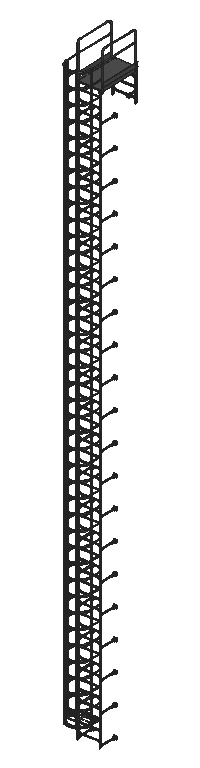
Revit family "BORGE_Вертикальная пожарная лестница_П-2", category Обобщенные модели, Revit 2019
Family settings
  Может служить основой для арматурных стержней = Нет
  Размер круглого соединителя = Использовать диаметр
  Тип детали = Нормальный
  Номер OmniClass = 23.75.70.21.27.11
  Заголовок OmniClass = Diffusers, Registers, and Grilles
  На основе рабочей плоскости = Нет
  Всегда вертикально = Да
  При загрузке вырезать с полостями = Нет
  Общий = Нет
  Точка расчета площади = Нет
Parameters (values of type "Пожарная лестница_П1-2_Чёрный матовый_RAL 9005")
  Предупреждение [instance] = if(BORGE_Высота лестницы > 20000 mm, "Максимальная высота лестницы без ограждения - 20 м", "")  # ""
  Площадка_Тип [instance] = 3
  Ограждение_Высота [instance] = ADSK_Размер_Высота - 1000 mm  # 19000 mm
  Лестница_Внутренняя_Тип_1 [instance] = 1
  Лестница_Внутренняя_Видимость [instance] = yes
  Лестница_Внешняя_Тип_7 [instance] = 3
  Лестница_Внешняя_Тип_6 [instance] = 3
  Лестница_Внешняя_Тип_5 [instance] = 3
  Лестница_Внешняя_Тип_4 [instance] = 3
  Лестница_Внешняя_Тип_3 [instance] = 3
  Лестница_Внешняя_Тип_2 [instance] = 3
  Лестница_Внешняя_Тип_1 [instance] = 3
  Кронштейн_Внутренний_Тип [instance] = 1
  Кронштейн_Внутренний_Видимость [instance] = yes
  Кронштейн_Внешний_Тип [instance] = 2
  Описание = "Максимальная высота лестницы 20 м."  # constant formula
  Кронштейн_Внутренний_1_Высота [instance] = 700 mm
  Кронштейн_Внешний_9_Высота [instance] = 1000 mm
  Кронштейн_Внешний_9_Видимость [instance] = yes
  Кронштейн_Внешний_8_Высота [instance] = 1000 mm
  Кронштейн_Внешний_8_Видимость [instance] = yes
  Кронштейн_Внешний_7_Высота [instance] = 1000 mm
  Кронштейн_Внешний_7_Видимость [instance] = yes
  Кронштейн_Внешний_6_Высота [instance] = 1000 mm
  Кронштейн_Внешний_6_Видимость [instance] = yes
  Кронштейн_Внешний_5_Высота [instance] = 1000 mm
  Кронштейн_Внешний_5_Видимость [instance] = yes
  Кронштейн_Внешний_4_Высота [instance] = 1000 mm
  Кронштейн_Внешний_4_Видимость [instance] = yes
  Кронштейн_Внешний_3_Высота [instance] = 1000 mm
  Кронштейн_Внешний_3_Видимость [instance] = yes
  Кронштейн_Внешний_2_Высота [instance] = 1000 mm
  Кронштейн_Внешний_2_Видимость [instance] = yes
  Кронштейн_Внешний_20_Высота [instance] = 1000 mm  # constant formula
  Кронштейн_Внешний_20_Видимость [instance] = yes
  Кронштейн_Внешний_1_Высота [instance] = 1500 mm
  Кронштейн_Внешний_1_Видимость [instance] = yes
  Кронштейн_Внешний_19_Высота [instance] = 1000 mm
  Кронштейн_Внешний_19_Видимость [instance] = yes
  Кронштейн_Внешний_18_Высота [instance] = 1000 mm
  Кронштейн_Внешний_18_Видимость [instance] = yes
  Кронштейн_Внешний_17_Высота [instance] = 1000 mm
  Кронштейн_Внешний_17_Видимость [instance] = yes
  Кронштейн_Внешний_16_Высота [instance] = 1000 mm
  Кронштейн_Внешний_16_Видимость [instance] = yes
  Кронштейн_Внешний_15_Высота [instance] = 1000 mm
  Кронштейн_Внешний_15_Видимость [instance] = yes
  Кронштейн_Внешний_14_Высота [instance] = 1000 mm
  Кронштейн_Внешний_14_Видимость [instance] = yes
  Кронштейн_Внешний_13_Высота [instance] = 1000 mm
  Кронштейн_Внешний_13_Видимость [instance] = yes
  Кронштейн_Внешний_12_Высота [instance] = 1000 mm
  Кронштейн_Внешний_12_Видимость [instance] = yes
  Кронштейн_Внешний_11_Высота [instance] = 1000 mm
  Кронштейн_Внешний_11_Видимость [instance] = yes
  Кронштейн_Внешний_10_Высота [instance] = 1000 mm
  Кронштейн_Внешний_10_Видимость [instance] = yes
  Изготовитель = "ООО «Борге», ООО «Бипро»"  # constant formula
  l1 [instance] = if(Кронштейн_Внешний_Тип = 1, 325 mm, if(Кронштейн_Внешний_Тип = 2, 625 mm, if(Кронштейн_Внешний_Тип = 3, 1025 mm, 325 mm)))  # 625 mm
  Ogr_9_Vis [instance] = if(ADSK_Размер_Высота > 9999 mm, 1 = 1, 1 = 0)  # yes
  Ogr_8_Vis [instance] = if(ADSK_Размер_Высота > 8999 mm, 1 = 1, 1 = 0)  # yes
  Ogr_7_Vis [instance] = if(ADSK_Размер_Высота > 7999 mm, 1 = 1, 1 = 0)  # yes
  Ogr_6_Vis [instance] = if(ADSK_Размер_Высота > 6999 mm, 1 = 1, 1 = 0)  # yes
  Ogr_5_Vis [instance] = if(ADSK_Размер_Высота > 5999 mm, 1 = 1, 1 = 0)  # yes
  Ogr_4_Vis [instance] = if(ADSK_Размер_Высота > 4999 mm, 1 = 1, 1 = 0)  # yes
  Ogr_3_Vis [instance] = if(ADSK_Размер_Высота > 3999 mm, 1 = 1, 1 = 0)  # yes
  Ogr_19_Vis [instance] = if(ADSK_Размер_Высота > 19999 mm, 1 = 1, 1 = 0)  # yes
  Ogr_18_Vis [instance] = if(ADSK_Размер_Высота > 18999 mm, 1 = 1, 1 = 0)  # yes
  Ogr_17_Vis [instance] = if(ADSK_Размер_Высота > 17999 mm, 1 = 1, 1 = 0)  # yes
  Ogr_16_Vis [instance] = if(ADSK_Размер_Высота > 16999 mm, 1 = 1, 1 = 0)  # yes
  Ogr_15_Vis [instance] = if(ADSK_Размер_Высота > 15999 mm, 1 = 1, 1 = 0)  # yes
  Ogr_14_Vis [instance] = if(ADSK_Размер_Высота > 14999 mm, 1 = 1, 1 = 0)  # yes
  Ogr_13_Vis [instance] = if(ADSK_Размер_Высота > 13999 mm, 1 = 1, 1 = 0)  # yes
  Ogr_12_Vis [instance] = if(ADSK_Размер_Высота > 12999 mm, 1 = 1, 1 = 0)  # yes
  Ogr_11_Vis [instance] = if(ADSK_Размер_Высота > 11999 mm, 1 = 1, 1 = 0)  # yes
  Ogr_10_Vis [instance] = if(ADSK_Размер_Высота > 10999 mm, 1 = 1, 1 = 0)  # yes
  Ogr_0_Vis [instance] = 1 = 1  # yes
  Kr_h_9 [instance] = if(BORGE_Автопостроение длины лестницы, 1000 mm, Кронштейн_Внешний_9_Высота)  # 1000 mm
  Kr_h_8 [instance] = if(BORGE_Автопостроение длины лестницы, 1000 mm, Кронштейн_Внешний_8_Высота)  # 1000 mm
  Kr_h_7 [instance] = if(BORGE_Автопостроение длины лестницы, 1000 mm, Кронштейн_Внешний_7_Высота)  # 1000 mm
  Kr_h_20 [instance] = if(BORGE_Автопостроение длины лестницы, 1000 mm, Кронштейн_Внешний_20_Высота)  # 1000 mm
  Kr_h_19 [instance] = if(BORGE_Автопостроение длины лестницы, 1000 mm, Кронштейн_Внешний_19_Высота)  # 1000 mm
  Kr_h_18 [instance] = if(BORGE_Автопостроение длины лестницы, 1000 mm, Кронштейн_Внешний_18_Высота)  # 1000 mm
  Kr_h_17 [instance] = if(BORGE_Автопостроение длины лестницы, 1000 mm, Кронштейн_Внешний_17_Высота)  # 1000 mm
  Kr_h_16 [instance] = if(BORGE_Автопостроение длины лестницы, 1000 mm, Кронштейн_Внешний_16_Высота)  # 1000 mm
  Kr_h_15 [instance] = if(BORGE_Автопостроение длины лестницы, 1000 mm, Кронштейн_Внешний_15_Высота)  # 1000 mm
  Kr_h_14 [instance] = if(BORGE_Автопостроение длины лестницы, 1000 mm, Кронштейн_Внешний_14_Высота)  # 1000 mm
  Kr_h_13 [instance] = if(BORGE_Автопостроение длины лестницы, 1000 mm, Кронштейн_Внешний_13_Высота)  # 1000 mm
  Kr_h_12 [instance] = if(BORGE_Автопостроение длины лестницы, 1000 mm, Кронштейн_Внешний_12_Высота)  # 1000 mm
  Kr_h_11 [instance] = if(BORGE_Автопостроение длины лестницы, 1000 mm, Кронштейн_Внешний_11_Высота)  # 1000 mm
  Kr_h_10 [instance] = if(BORGE_Автопостроение длины лестницы, 1000 mm, Кронштейн_Внешний_10_Высота)  # 1000 mm
  Les_Vnesh_Vis_7 [instance] = if(BORGE_Автопостроение длины лестницы, if(ADSK_Размер_Высота > 18999 mm, 1 = 1, 1 = 0), if(Лестница_Внешняя_Тип_7 > 1, 1 = 1, 1 = 0))  # yes
  Les_Vnesh_Vis_6 [instance] = if(BORGE_Автопостроение длины лестницы, if(ADSK_Размер_Высота > 15999 mm, 1 = 1, 1 = 0), if(Лестница_Внешняя_Тип_6 > 1, 1 = 1, 1 = 0))  # yes
  Les_Vnesh_Vis_5 [instance] = if(BORGE_Автопостроение длины лестницы, if(ADSK_Размер_Высота > 12999 mm, 1 = 1, 1 = 0), if(Лестница_Внешняя_Тип_5 > 1, 1 = 1, 1 = 0))  # yes
  Les_Vnesh_Vis_4 [instance] = if(BORGE_Автопостроение длины лестницы, if(ADSK_Размер_Высота > 9999 mm, 1 = 1, 1 = 0), if(Лестница_Внешняя_Тип_4 > 1, 1 = 1, 1 = 0))  # yes
  Les_Vnesh_Vis_3 [instance] = if(BORGE_Автопостроение длины лестницы, if(ADSK_Размер_Высота > 6999 mm, 1 = 1, 1 = 0), if(Лестница_Внешняя_Тип_3 > 1, 1 = 1, 1 = 0))  # yes
  Kr_9_Vis [instance] = if(BORGE_Автопостроение длины лестницы, if(ADSK_Размер_Высота > 8999 mm, 1 = 1, 1 = 0), Кронштейн_Внешний_9_Видимость)  # yes
  Kr_8_Vis [instance] = if(BORGE_Автопостроение длины лестницы, if(ADSK_Размер_Высота > 7999 mm, 1 = 1, 1 = 0), Кронштейн_Внешний_8_Видимость)  # yes
  Kr_7_Vis [instance] = if(BORGE_Автопостроение длины лестницы, if(ADSK_Размер_Высота > 6999 mm, 1 = 1, 1 = 0), Кронштейн_Внешний_7_Видимость)  # yes
  Kr_6_Vis [instance] = if(BORGE_Автопостроение длины лестницы, if(ADSK_Размер_Высота > 5999 mm, 1 = 1, 1 = 0), Кронштейн_Внешний_6_Видимость)  # yes
  Kr_h_6 [instance] = if(BORGE_Автопостроение длины лестницы, 1000 mm, Кронштейн_Внешний_6_Высота)  # 1000 mm
  Kr_5_Vis [instance] = if(BORGE_Автопостроение длины лестницы, if(ADSK_Размер_Высота > 4999 mm, 1 = 1, 1 = 0), Кронштейн_Внешний_5_Видимость)  # yes
  Kr_h_5 [instance] = if(BORGE_Автопостроение длины лестницы, 1000 mm, Кронштейн_Внешний_5_Высота)  # 1000 mm
  Kr_4_Vis [instance] = if(BORGE_Автопостроение длины лестницы, if(ADSK_Размер_Высота > 3999 mm, 1 = 1, 1 = 0), Кронштейн_Внешний_4_Видимость)  # yes
  Kr_h_4 [instance] = if(BORGE_Автопостроение длины лестницы, 1000 mm, Кронштейн_Внешний_4_Высота)  # 1000 mm
  Kr_3_Vis [instance] = if(BORGE_Автопостроение длины лестницы, if(ADSK_Размер_Высота > 2999 mm, 1 = 1, 1 = 0), Кронштейн_Внешний_3_Видимость)  # yes
  Kr_h_3 [instance] = if(BORGE_Автопостроение длины лестницы, 1000 mm, Кронштейн_Внешний_3_Высота)  # 1000 mm
  Kr_2_Vis [instance] = if(BORGE_Автопостроение длины лестницы, if(ADSK_Размер_Высота > 1999 mm, 1 = 1, 1 = 0), Кронштейн_Внешний_2_Видимость)  # yes
  Kr_h_2 [instance] = if(BORGE_Автопостроение длины лестницы, 1000 mm, Кронштейн_Внешний_2_Высота)  # 1000 mm
  Kr_1_Vis [instance] = if(BORGE_Автопостроение длины лестницы, if(ADSK_Размер_Высота > 999 mm, 1 = 1, 1 = 0), Кронштейн_Внешний_1_Видимость)  # yes
  Kr_h_1 [instance] = if(BORGE_Автопостроение длины лестницы, 1500 mm, if(Кронштейн_Внешний_1_Высота > 1500 mm, 1500 mm, Кронштейн_Внешний_1_Высота))  # 1500 mm
  Les_Vnesh_Vis_2 [instance] = if(BORGE_Автопостроение длины лестницы, if(ADSK_Размер_Высота > 3999 mm, 1 = 1, 1 = 0), if(Лестница_Внешняя_Тип_2 > 1, 1 = 1, 1 = 0))  # yes
  Les_Vnesh_Vis_1 [instance] = if(BORGE_Автопостроение длины лестницы, if(ADSK_Размер_Высота > 999 mm, 1 = 1, 1 = 0), if(Лестница_Внешняя_Тип_1 > 1, 1 = 1, 1 = 0))  # yes
  URL = "https://borge.ru/"
  LT = "BORGE_Снегозадержатель_Трубчатый"  # constant formula
  Kr_19_Vis [instance] = if(BORGE_Автопостроение длины лестницы, if(ADSK_Размер_Высота > 18999 mm, 1 = 1, 1 = 0), Кронштейн_Внешний_19_Видимость)  # yes
  Kr_18_Vis [instance] = if(BORGE_Автопостроение длины лестницы, if(ADSK_Размер_Высота > 17999 mm, 1 = 1, 1 = 0), Кронштейн_Внешний_18_Видимость)  # yes
  Kr_17_Vis [instance] = if(BORGE_Автопостроение длины лестницы, if(ADSK_Размер_Высота > 16999 mm, 1 = 1, 1 = 0), Кронштейн_Внешний_17_Видимость)  # yes
  Kr_16_Vis [instance] = if(BORGE_Автопостроение длины лестницы, if(ADSK_Размер_Высота > 15999 mm, 1 = 1, 1 = 0), Кронштейн_Внешний_16_Видимость)  # yes
  Kr_15_Vis [instance] = if(BORGE_Автопостроение длины лестницы, if(ADSK_Размер_Высота > 14999 mm, 1 = 1, 1 = 0), Кронштейн_Внешний_15_Видимость)  # yes
  Kr_14_Vis [instance] = if(BORGE_Автопостроение длины лестницы, if(ADSK_Размер_Высота > 13999 mm, 1 = 1, 1 = 0), Кронштейн_Внешний_14_Видимость)  # yes
  Kr_13_Vis [instance] = if(BORGE_Автопостроение длины лестницы, if(ADSK_Размер_Высота > 12999 mm, 1 = 1, 1 = 0), Кронштейн_Внешний_13_Видимость)  # yes
  Kr_12_Vis [instance] = if(BORGE_Автопостроение длины лестницы, if(ADSK_Размер_Высота > 11999 mm, 1 = 1, 1 = 0), Кронштейн_Внешний_12_Видимость)  # yes
  Kr_11_Vis [instance] = if(BORGE_Автопостроение длины лестницы, if(ADSK_Размер_Высота > 10999 mm, 1 = 1, 1 = 0), Кронштейн_Внешний_11_Видимость)  # yes
  Kr_10_Vis [instance] = if(BORGE_Автопостроение длины лестницы, if(ADSK_Размер_Высота > 9999 mm, 1 = 1, 1 = 0), Кронштейн_Внешний_10_Видимость)  # yes
  Code2_Площадка [instance] = if(Площадка_Тип = 1, Code2, if(Площадка_Тип = 2, Code2 + 22, if(Площадка_Тип = 3, Code2 + 22 * 2, Code2)))  # 46
  Code2_Внутренняя_Лестница_1 [instance] = if(Лестница_Внутренняя_Тип_1 = 1, Code2, if(Лестница_Внутренняя_Тип_1 = 2, Code2 + 22, if(Лестница_Внутренняя_Тип_1 = 3, Code2 + 22 * 2, Code2)))  # 2
  Code2_Лестница_Внешняя_7 [instance] = if(BORGE_Автопостроение длины лестницы, if(ADSK_Размер_Высота > 20999 mm, Code2 + 22 * 2, if(ADSK_Размер_Высота > 19999 mm, Code2 + 22, if(ADSK_Размер_Высота > 18999 mm, Code2, Code2))), if(Лестница_Внешняя_Тип_7 = 1, Code2, if(Лестница_Внешняя_Тип_7 = 2, Code2 + 22, if(Лестница_Внешняя_Тип_7 = 3, Code2 + 22 * 2, Code2))))  # 24
  Code2_Лестница_Внешняя_6 [instance] = if(BORGE_Автопостроение длины лестницы, if(ADSK_Размер_Высота > 17999 mm, Code2 + 22 * 2, if(ADSK_Размер_Высота > 16999 mm, Code2 + 22, if(ADSK_Размер_Высота > 15999 mm, Code2, Code2))), if(Лестница_Внешняя_Тип_6 = 1, Code2, if(Лестница_Внешняя_Тип_6 = 2, Code2 + 22, if(Лестница_Внешняя_Тип_6 = 3, Code2 + 22 * 2, Code2))))  # 46
  Code2_Лестница_Внешняя_5 [instance] = if(BORGE_Автопостроение длины лестницы, if(ADSK_Размер_Высота > 14999 mm, Code2 + 22 * 2, if(ADSK_Размер_Высота > 13999 mm, Code2 + 22, if(ADSK_Размер_Высота > 12999 mm, Code2, Code2))), if(Лестница_Внешняя_Тип_5 = 1, Code2, if(Лестница_Внешняя_Тип_5 = 2, Code2 + 22, if(Лестница_Внешняя_Тип_5 = 3, Code2 + 22 * 2, Code2))))  # 46
  Code2_Лестница_Внешняя_4 [instance] = if(BORGE_Автопостроение длины лестницы, if(ADSK_Размер_Высота > 11999 mm, Code2 + 22 * 2, if(ADSK_Размер_Высота > 10999 mm, Code2 + 22, if(ADSK_Размер_Высота > 9999 mm, Code2, Code2))), if(Лестница_Внешняя_Тип_4 = 1, Code2, if(Лестница_Внешняя_Тип_4 = 2, Code2 + 22, if(Лестница_Внешняя_Тип_4 = 3, Code2 + 22 * 2, Code2))))  # 46
  Code2_Лестница_Внешняя_3 [instance] = if(BORGE_Автопостроение длины лестницы, if(ADSK_Размер_Высота > 8999 mm, Code2 + 22 * 2, if(ADSK_Размер_Высота > 7999 mm, Code2 + 22, if(ADSK_Размер_Высота > 6999 mm, Code2, Code2))), if(Лестница_Внешняя_Тип_3 = 1, Code2, if(Лестница_Внешняя_Тип_3 = 2, Code2 + 22, if(Лестница_Внешняя_Тип_3 = 3, Code2 + 22 * 2, Code2))))  # 46
  Code2_Лестница_Внешняя_2 [instance] = if(BORGE_Автопостроение длины лестницы, if(ADSK_Размер_Высота > 5999 mm, Code2 + 22 * 2, if(ADSK_Размер_Высота > 4999 mm, Code2 + 22, if(ADSK_Размер_Высота > 3999 mm, Code2, Code2))), if(Лестница_Внешняя_Тип_2 = 1, Code2, if(Лестница_Внешняя_Тип_2 = 2, Code2 + 22, if(Лестница_Внешняя_Тип_2 = 3, Code2 + 22 * 2, Code2))))  # 46
  Code2_Лестница_Внешняя_1 [instance] = if(BORGE_Автопостроение длины лестницы, if(ADSK_Размер_Высота > 2999 mm, Code2 + 22 * 2, if(ADSK_Размер_Высота > 1999 mm, Code2 + 22, if(ADSK_Размер_Высота > 999 mm, Code2, Code2))), if(Лестница_Внешняя_Тип_1 = 1, Code2, if(Лестница_Внешняя_Тип_1 = 2, Code2 + 22, if(Лестница_Внешняя_Тип_1 = 3, Code2 + 22 * 2, Code2))))  # 46
  Code2_Кронштейн_Внутренний [instance] = if(Кронштейн_Внутренний_Тип = 3, Code2, if(Кронштейн_Внутренний_Тип = 1, Code2 + 22, if(Кронштейн_Внутренний_Тип = 2, Code2 + 22 * 2, Code2)))  # 24
  Code2_Кронштейн_Внешний [instance] = if(Кронштейн_Внешний_Тип = 3, Code2, if(Кронштейн_Внешний_Тип = 1, Code2 + 22, if(Кронштейн_Внешний_Тип = 2, Code2 + 22 * 2, Code2)))  # 46
  Code2 = 2
  BORGE_Высота лестницы [instance] = 20000 mm
  BORGE_Автопостроение длины лестницы [instance] = yes
  BIM Support_Сайт = "https://www.bim-support.ru/"
  BIM Support_Разрабочик = "BIM Support"  # constant formula
  ADSK_Размер_Высота [instance] = if(BORGE_Высота лестницы < 5999 mm, 6000 mm, if(BORGE_Высота лестницы < 20001 mm, roundup(BORGE_Высота лестницы / 1000 mm) * 1000 mm, 20000 mm))  # 20000 mm
  ADSK_Примечание [instance] = ""
  ADSK_Позиция [instance] = ""
  ADSK_Обозначение [instance] = "П1-2"  # constant formula
  ADSK_Наименование краткое [instance] = "Пожарная лестница"
  ADSK_Наименование [instance] = "Пожарная лестница П1-2"  # constant formula
  ADSK_Материал = BOGRE_Уcловный_Чёрный матовый_RAL 9005
  ADSK_Масса_Текст [instance] = "0"
  ADSK_Масса [instance] = 0
  ADSK_Марка [instance] = ADSK_Обозначение  # "П1-2"
  ADSK_Количество [instance] = 1  # constant formula
  ADSK_Код изделия [instance] = ""
  ADSK_Завод-изготовитель [instance] = "ООО «Борге», ООО «Бипро»"  # constant formula
  ADSK_Единица измерения [instance] = "шт."  # constant formula
  ADSK_Группирование [instance] = ""
  ADSK_Версия семейства = "Rev1 2023-08"  # constant formula
  ADSK_URL страницы изделия = "https://borge.pro/p1-2"
  ADSK_URL документации изделия = "https://borge.pro/p1-2"
  A [instance] = if(Площадка_Тип = 1, 800 mm, if(Площадка_Тип = 2, 1200 mm, if(Площадка_Тип = 3, 1600 mm, 800 mm)))  # 1600 mm
Reference planes
  plane 1 "По центру (Вперед/Назад)": y = 0
  plane 2: z = 0
  plane 3 "По центру (Влево/Вправо)": x = 0
  plane 4: z = 1500
  plane 5: z = 2500
  plane 6: z = 3500
  plane 7: z = 21550
  plane 8: y = 925
  plane 9: z = 21500
  plane 10: y = -675
  plane 11: y = -625
  plane 12: y = 875
  plane 13: x = -387.486
  plane 14: x = 387.486
  plane 15: z = 4500
  plane 16: z = 5500
  plane 17: z = 6500
  plane 18: z = 20850
  plane 19: z = 1483
  plane 20: z = 7500
  plane 21: z = 8500
  plane 22: z = 9500
  plane 23: z = 10500
  plane 24: z = 11500
  plane 25: z = 12500
  plane 26: z = 13500
  plane 27: z = 14500
  plane 28: z = 15500
  plane 29: z = 16500
  plane 30: z = 17500
  plane 31: z = 18500
  plane 32: z = 19500
  plane 33: z = 4483
  plane 34: z = 7483
  plane 35: z = 10483
  plane 36: z = 13483
  plane 37: z = 16483
  plane 38: z = 19483
  plane 39: z = 20500
  plane 40: z = 2334.132
  plane 41: z = 3334.132
  plane 42: z = 4334.132
  plane 43: z = 5334.132
  plane 44: z = 6334.132
  plane 45: z = 7334.132
  plane 46: z = 8334.132
  plane 47: z = 9334.132
  plane 48: z = 10334.132
  plane 49: z = 11334.132
  plane 50: z = 12334.132
  plane 51: z = 13334.132
  plane 52: z = 14334.132
  plane 53: z = 15334.132
  plane 54: z = 16334.132
  plane 55: z = 17334.132
  plane 56: z = 18334.132
  plane 57: z = 19334.132
  plane 58: z = 20334.132
  plane 59: z = 21334.132
  plane 60: z = 22351.1
  plane 61: z = 2334.132
Dimensions and locks
  "Kr_h_2": plane 5 to plane 4
  "Kr_h_3": plane 6 to plane 5
  locked: plane 7 to plane 9 at 50
  "A": plane 10 to plane 8
  locked: plane 10 to plane 11 at 50
  locked: plane 12 to plane 8 at 50
  "l1": plane 1 "По центру (Вперед/Назад)" to plane 11
  "ADSK_Размер_Высота": plane 9 to plane 4
  "Kr_h_4": plane 15 to plane 6
  "Kr_h_5": plane 16 to plane 15
  "Kr_h_6": plane 17 to plane 16
  "Kr_h_1": plane 4 to plane 2
  plane 7 to plane 18 = 700 mm
  "Кронштейн_Внутренний_1_Высота": plane 7 to plane 18
  locked: plane 4 to plane 19 at 17
  "Kr_h_7": plane 20 to plane 17
  "Kr_h_10": plane 23 to plane 22
  "Kr_h_11": plane 24 to plane 23
  "Kr_h_12": plane 25 to plane 24
  "Kr_h_13": plane 26 to plane 25
  "Kr_h_14": plane 27 to plane 26
  "Kr_h_15": plane 28 to plane 27
  "Kr_h_16": plane 29 to plane 28
  "Kr_h_17": plane 30 to plane 29
  "Kr_h_18": plane 31 to plane 30
  "Kr_h_19": plane 32 to plane 31
  "Kr_h_8": plane 21 to plane 20
  "Kr_h_9": plane 22 to plane 21
  locked: plane 15 to plane 33 at 17
  locked: plane 20 to plane 34 at 17
  locked: plane 23 to plane 35 at 17
  locked: plane 26 to plane 36 at 17
  locked: plane 29 to plane 37 at 17
  locked: plane 32 to plane 38 at 17
  "Kr_h_19": plane 39 to plane 32
  locked: plane 41 to plane 40 at 1000
  locked: plane 42 to plane 41 at 1000
  locked: plane 43 to plane 42 at 1000
  locked: plane 44 to plane 43 at 1000
  locked: plane 45 to plane 44 at 1000
  locked: plane 46 to plane 45 at 1000
  locked: plane 47 to plane 46 at 1000
  locked: plane 48 to plane 47 at 1000
  locked: plane 49 to plane 48 at 1000
  locked: plane 50 to plane 49 at 1000
  locked: plane 51 to plane 50 at 1000
  locked: plane 52 to plane 51 at 1000
  locked: plane 53 to plane 52 at 1000
  locked: plane 54 to plane 53 at 1000
  locked: plane 55 to plane 54 at 1000
  locked: plane 56 to plane 55 at 1000
  locked: plane 57 to plane 56 at 1000
  locked: plane 58 to plane 57 at 1000
  locked: plane 59 to plane 58 at 1000
  locked: plane 60 to plane 9 at 851.1
  locked: plane 60 to plane 59 at 1016.968
  "Ограждение_Высота": plane 59 to plane 61
  aligned and locked: level to plane 2
  aligned and locked: plane 3 "По центру (Влево/Вправо)" to nested 1
  aligned and locked: nested 1 to plane 7
  aligned and locked: plane 8 to nested 1
  aligned and locked: plane 11 to nested 2
  aligned and locked: plane 9 to nested 3
  aligned and locked: plane 13 to nested 4
  aligned and locked: plane 4 to nested 4  (x2)
  aligned and locked: plane 1 "По центру (Вперед/Назад)" to nested 4
  aligned and locked: nested 5 to plane 14
  aligned and locked: plane 4 to nested 5  (x2)
  aligned and locked: plane 1 "По центру (Вперед/Назад)" to nested 5
  aligned and locked: plane 1 "По центру (Вперед/Назад)" to nested 6
  aligned and locked: plane 1 "По центру (Вперед/Назад)" to nested 7
  aligned and locked: plane 1 "По центру (Вперед/Назад)" to nested 8
  aligned and locked: plane 1 "По центру (Вперед/Назад)" to nested 9
  aligned and locked: plane 12 to nested 3
  aligned and locked: plane 17 to nested 17  (x3)
  aligned and locked: plane 16 to nested 15  (x3)
  aligned and locked: plane 15 to nested 13  (x2)
  aligned and locked: plane 6 to nested 8  (x3)
  aligned and locked: plane 5 to nested 6
  aligned and locked: plane 5 to nested 7
  aligned and locked: plane 6 to nested 9
  aligned and locked: plane 15 to nested 14
  aligned and locked: plane 16 to nested 16
  aligned and locked: plane 17 to nested 18
  aligned and locked: plane 11 to nested 12
  aligned and locked: nested 10 to plane 18
  aligned and locked: nested 11 to plane 18
  aligned and locked: nested 10 to plane 13
  aligned and locked: plane 14 to nested 11
  aligned and locked: nested 12 to plane 19
  aligned and locked: nested 10 to plane 12
  aligned and locked: nested 11 to plane 12
  aligned and locked: plane 20 to nested 19  (x3)
  aligned and locked: plane 20 to nested 20
  aligned and locked: plane 21 to nested 21  (x3)
  aligned and locked: plane 21 to nested 22
  aligned and locked: plane 22 to nested 23  (x3)
  aligned and locked: plane 22 to nested 24
  aligned and locked: plane 23 to nested 25  (x3)
  aligned and locked: plane 23 to nested 26
  aligned and locked: plane 24 to nested 27  (x3)
  aligned and locked: plane 24 to nested 28
  aligned and locked: plane 25 to nested 29  (x3)
  aligned and locked: plane 25 to nested 30
  aligned and locked: plane 26 to nested 31  (x3)
  aligned and locked: plane 26 to nested 32
  aligned and locked: plane 27 to nested 33  (x3)
  aligned and locked: plane 27 to nested 34
  aligned and locked: plane 28 to nested 35  (x3)
  aligned and locked: plane 28 to nested 36
  aligned and locked: plane 29 to nested 37  (x3)
  aligned and locked: plane 29 to nested 38
  aligned and locked: plane 30 to nested 39  (x3)
  aligned and locked: plane 30 to nested 40
  aligned and locked: plane 31 to nested 41  (x3)
  aligned and locked: plane 31 to nested 42
  aligned and locked: plane 32 to nested 43  (x3)
  aligned and locked: plane 32 to nested 44
  aligned and locked: nested 45 to plane 33
  aligned and locked: nested 46 to plane 34
  aligned and locked: nested 47 to plane 35
  aligned and locked: nested 48 to plane 36
  aligned and locked: nested 49 to plane 37
  aligned and locked: nested 2 to plane 38
  aligned and locked: plane 39 to nested 50  (x3)
  aligned and locked: plane 39 to nested 51
  aligned and locked: plane 11 to nested 52
  aligned and locked: plane 11 to nested 53
  aligned and locked: plane 11 to nested 54
  aligned and locked: plane 11 to nested 55
  aligned and locked: plane 11 to nested 56
  aligned and locked: plane 11 to nested 57
  aligned and locked: plane 11 to nested 58
  aligned and locked: plane 11 to nested 59
  aligned and locked: plane 11 to nested 60
  aligned and locked: plane 11 to nested 61
  aligned and locked: plane 11 to nested 62
  aligned and locked: plane 11 to nested 63
  aligned and locked: plane 11 to nested 64
  aligned and locked: plane 11 to nested 65
  aligned and locked: plane 11 to nested 66
  aligned and locked: plane 11 to nested 67
  aligned and locked: plane 11 to nested 68
  aligned and locked: plane 3 "По центру (Влево/Вправо)" to nested 71
  aligned and locked: plane 11 to nested 71
  aligned and locked: plane 11 to nested 45
  aligned and locked: plane 11 to nested 46
  aligned and locked: plane 11 to nested 47
  aligned and locked: plane 11 to nested 48
  aligned and locked: plane 11 to nested 49
  aligned and locked: plane 11 to nested 69
  aligned and locked: plane 11 to nested 70
  aligned and locked: plane 41 to nested 52
  aligned and locked: plane 42 to nested 53
  aligned and locked: plane 43 to nested 54
  aligned and locked: plane 44 to nested 55
  aligned and locked: plane 45 to nested 56
  aligned and locked: plane 46 to nested 57
  aligned and locked: plane 47 to nested 58
  aligned and locked: plane 48 to nested 59
  aligned and locked: plane 49 to nested 60
  aligned and locked: plane 50 to nested 61
  aligned and locked: plane 51 to nested 62
  aligned and locked: plane 52 to nested 63
  aligned and locked: plane 53 to nested 64
  aligned and locked: plane 54 to nested 65
  aligned and locked: plane 55 to nested 66
  aligned and locked: plane 56 to nested 67
  aligned and locked: plane 57 to nested 68
  aligned and locked: plane 58 to nested 69
  aligned and locked: nested 70 to plane 59
  aligned and locked: plane 61 to nested 71
  aligned and locked: nested 72 to plane 40
Nested families
  nested 1: "SHD_BORGE_Площадка переходная_П-2" at (0, 925, 21426.1), ADSK_Материал <- "ADSK_Материал", Code2 <- "Code2_Площадка", ADSK_Группирование <- "ADSK_Группирование", type "Площадка переходная", detail levels fine
    with H 1360 mm, Code2 46, Code1 3, B 800 mm, ADSK_Размер_Ширина 800 mm, ADSK_Размер_Длина 1600 mm, ADSK_Размер_Высота 1360 mm, ADSK_Примечание "", ADSK_Позиция "", ADSK_Обозначение "08.111.16.08.12.000.9005M", ADSK_Наименование краткое "Площадка переходная", ADSK_Наименование "Площадка переходная BORGE 800х1600мм, оцинк., чёрный (RAL 9005 matt)", ADSK_Материал BOGRE_Уcловный_Чёрный матовый_RAL 9005, ADSK_Масса_Текст "2", ADSK_Масса 2, ADSK_Марка "08.111.16.08.12.000.9005M", ADSK_Количество 1, ADSK_Код изделия "", ADSK_Завод-изготовитель "ООО «Борге», ООО «Бипро»", ADSK_Единица измерения "шт.", ADSK_Группирование "", A 1600 mm
  nested 2: "SHD_BORGE_Секция пожарной лестницы" at (0, -625, 19483), Code2 <- "Code2_Лестница_Внешняя_7", ADSK_Материал <- "ADSK_Материал", visible <- "Les_Vnesh_Vis_7", ADSK_Группирование <- "ADSK_Группирование", type "Секция пожарной лестницы", detail levels fine
    with Vis_3 no, Vis_2 yes, Vis_1 yes, H 2000 mm, Code2 24, Code1 2, ADSK_Размер_Высота 2000 mm, ADSK_Примечание "", ADSK_Позиция "", ADSK_Обозначение "08.113.20.08.01.000.9005M", ADSK_Наименование краткое "Секция пожарной лестницы", ADSK_Наименование "Секция пожарной лестницы BORGE 800, 2м, оцинк., чёрный (RAL 9005 matt), CZn", ADSK_Материал BOGRE_Уcловный_Чёрный матовый_RAL 9005, ADSK_Масса_Текст "1.4", ADSK_Масса 1.4, ADSK_Марка "08.113.20.08.01.000.9005M", ADSK_Количество 1, ADSK_Код изделия "", ADSK_Завод-изготовитель "ООО «Борге», ООО «Бипро»", ADSK_Единица измерения "шт.", ADSK_Группирование ""
  nested 3: "SHD_BORGE_Секция пожарной лестницы" at (0, 875, 20483), Code2 <- "Code2_Внутренняя_Лестница_1", ADSK_Материал <- "ADSK_Материал", ADSK_Группирование <- "ADSK_Группирование", visible <- "Лестница_Внутренняя_Видимость", type "Секция пожарной лестницы", detail levels fine
    with Vis_3 no, Vis_2 no, Vis_1 yes, H 1000 mm, Code2 2, Code1 1, ADSK_Размер_Высота 1000 mm, ADSK_Примечание "", ADSK_Позиция "", ADSK_Обозначение "08.113.10.08.01.000.9005M", ADSK_Наименование краткое "Секция пожарной лестницы", ADSK_Наименование "Секция пожарной лестницы BORGE 800, 1м, оцинк., чёрный (RAL 9005 matt), CZn", ADSK_Материал BOGRE_Уcловный_Чёрный матовый_RAL 9005, ADSK_Масса_Текст "0.94", ADSK_Масса 0.94, ADSK_Марка "08.113.10.08.01.000.9005M", ADSK_Количество 1, ADSK_Код изделия "", ADSK_Завод-изготовитель "ООО «Борге», ООО «Бипро»", ADSK_Единица измерения "шт.", ADSK_Группирование ""
  nested 4: "SHD_BORGE_Стеновой кронштейн" at (-387.486, 0, 1500), Code2 <- "Code2_Кронштейн_Внешний", ADSK_Материал <- "ADSK_Материал", visible <- "Kr_1_Vis", ADSK_Группирование <- "ADSK_Группирование", type "Стеновой кронштейн", detail levels fine
    with L 600 mm, Code2 46, Code1 2, ADSK_Размер_Длина 647 mm, ADSK_Примечание "", ADSK_Позиция "", ADSK_Обозначение "08.104.06.01.01.000.9005M", ADSK_Наименование краткое "Стеновой кронштейн", ADSK_Наименование "Стеновой кронштейн BORGE для пожарной лестницы, 600мм, оцинк., чёрный (RAL 9005 matt)", ADSK_Материал BOGRE_Уcловный_Чёрный матовый_RAL 9005, ADSK_Масса_Текст "1.4", ADSK_Масса 1.4, ADSK_Марка "08.104.06.01.01.000.9005M", ADSK_Количество 1, ADSK_Код изделия "", ADSK_Завод-изготовитель "ООО «Борге», ООО «Бипро»", ADSK_Единица измерения "шт.", ADSK_Группирование ""
  nested 5: "SHD_BORGE_Стеновой кронштейн" at (387.486, 0, 1500), Code2 <- "Code2_Кронштейн_Внешний", ADSK_Материал <- "ADSK_Материал", visible <- "Kr_1_Vis", ADSK_Группирование <- "ADSK_Группирование", type "Стеновой кронштейн", detail levels fine
    with L 600 mm, Code2 46, Code1 2, ADSK_Размер_Длина 647 mm, ADSK_Примечание "", ADSK_Позиция "", ADSK_Обозначение "08.104.06.01.01.000.9005M", ADSK_Наименование краткое "Стеновой кронштейн", ADSK_Наименование "Стеновой кронштейн BORGE для пожарной лестницы, 600мм, оцинк., чёрный (RAL 9005 matt)", ADSK_Материал BOGRE_Уcловный_Чёрный матовый_RAL 9005, ADSK_Масса_Текст "1.4", ADSK_Масса 1.4, ADSK_Марка "08.104.06.01.01.000.9005M", ADSK_Количество 1, ADSK_Код изделия "", ADSK_Завод-изготовитель "ООО «Борге», ООО «Бипро»", ADSK_Единица измерения "шт.", ADSK_Группирование ""
  nested 6: "SHD_BORGE_Стеновой кронштейн" at (-387.486, 0, 2500), Code2 <- "Code2_Кронштейн_Внешний", ADSK_Материал <- "ADSK_Материал", visible <- "Kr_2_Vis", ADSK_Группирование <- "ADSK_Группирование", type "Стеновой кронштейн", detail levels fine
    with L 600 mm, Code2 46, Code1 2, ADSK_Размер_Длина 647 mm, ADSK_Примечание "", ADSK_Позиция "", ADSK_Обозначение "08.104.06.01.01.000.9005M", ADSK_Наименование краткое "Стеновой кронштейн", ADSK_Наименование "Стеновой кронштейн BORGE для пожарной лестницы, 600мм, оцинк., чёрный (RAL 9005 matt)", ADSK_Материал BOGRE_Уcловный_Чёрный матовый_RAL 9005, ADSK_Масса_Текст "1.4", ADSK_Масса 1.4, ADSK_Марка "08.104.06.01.01.000.9005M", ADSK_Количество 1, ADSK_Код изделия "", ADSK_Завод-изготовитель "ООО «Борге», ООО «Бипро»", ADSK_Единица измерения "шт.", ADSK_Группирование ""
  nested 7: "SHD_BORGE_Стеновой кронштейн" at (387.486, 0, 2500), Code2 <- "Code2_Кронштейн_Внешний", ADSK_Материал <- "ADSK_Материал", visible <- "Kr_2_Vis", ADSK_Группирование <- "ADSK_Группирование", type "Стеновой кронштейн", detail levels fine
    with L 600 mm, Code2 46, Code1 2, ADSK_Размер_Длина 647 mm, ADSK_Примечание "", ADSK_Позиция "", ADSK_Обозначение "08.104.06.01.01.000.9005M", ADSK_Наименование краткое "Стеновой кронштейн", ADSK_Наименование "Стеновой кронштейн BORGE для пожарной лестницы, 600мм, оцинк., чёрный (RAL 9005 matt)", ADSK_Материал BOGRE_Уcловный_Чёрный матовый_RAL 9005, ADSK_Масса_Текст "1.4", ADSK_Масса 1.4, ADSK_Марка "08.104.06.01.01.000.9005M", ADSK_Количество 1, ADSK_Код изделия "", ADSK_Завод-изготовитель "ООО «Борге», ООО «Бипро»", ADSK_Единица измерения "шт.", ADSK_Группирование ""
  nested 8: "SHD_BORGE_Стеновой кронштейн" at (-387.486, 0, 3500), Code2 <- "Code2_Кронштейн_Внешний", ADSK_Материал <- "ADSK_Материал", visible <- "Kr_3_Vis", ADSK_Группирование <- "ADSK_Группирование", type "Стеновой кронштейн", detail levels fine
    with L 600 mm, Code2 46, Code1 2, ADSK_Размер_Длина 647 mm, ADSK_Примечание "", ADSK_Позиция "", ADSK_Обозначение "08.104.06.01.01.000.9005M", ADSK_Наименование краткое "Стеновой кронштейн", ADSK_Наименование "Стеновой кронштейн BORGE для пожарной лестницы, 600мм, оцинк., чёрный (RAL 9005 matt)", ADSK_Материал BOGRE_Уcловный_Чёрный матовый_RAL 9005, ADSK_Масса_Текст "1.4", ADSK_Масса 1.4, ADSK_Марка "08.104.06.01.01.000.9005M", ADSK_Количество 1, ADSK_Код изделия "", ADSK_Завод-изготовитель "ООО «Борге», ООО «Бипро»", ADSK_Единица измерения "шт.", ADSK_Группирование ""
  nested 9: "SHD_BORGE_Стеновой кронштейн" at (387.486, 0, 3500), Code2 <- "Code2_Кронштейн_Внешний", ADSK_Материал <- "ADSK_Материал", visible <- "Kr_3_Vis", ADSK_Группирование <- "ADSK_Группирование", type "Стеновой кронштейн", detail levels fine
    with L 600 mm, Code2 46, Code1 2, ADSK_Размер_Длина 647 mm, ADSK_Примечание "", ADSK_Позиция "", ADSK_Обозначение "08.104.06.01.01.000.9005M", ADSK_Наименование краткое "Стеновой кронштейн", ADSK_Наименование "Стеновой кронштейн BORGE для пожарной лестницы, 600мм, оцинк., чёрный (RAL 9005 matt)", ADSK_Материал BOGRE_Уcловный_Чёрный матовый_RAL 9005, ADSK_Масса_Текст "1.4", ADSK_Масса 1.4, ADSK_Марка "08.104.06.01.01.000.9005M", ADSK_Количество 1, ADSK_Код изделия "", ADSK_Завод-изготовитель "ООО «Борге», ООО «Бипро»", ADSK_Единица измерения "шт.", ADSK_Группирование ""
  nested 10: "SHD_BORGE_Стеновой кронштейн" at (-387.486, 550.004, 20850), Code2 <- "Code2_Кронштейн_Внутренний", ADSK_Материал <- "ADSK_Материал", ADSK_Группирование <- "ADSK_Группирование", visible <- "Кронштейн_Внутренний_Видимость", type "Стеновой кронштейн", detail levels fine
    with L 300 mm, Code2 24, Code1 1, ADSK_Размер_Длина 347 mm, ADSK_Примечание "", ADSK_Позиция "", ADSK_Обозначение "08.104.03.01.01.000.9005M", ADSK_Наименование краткое "Стеновой кронштейн", ADSK_Наименование "Стеновой кронштейн BORGE для пожарной лестницы, 300мм, оцинк., чёрный (RAL 9005 matt)", ADSK_Материал BOGRE_Уcловный_Чёрный матовый_RAL 9005, ADSK_Масса_Текст "0.94", ADSK_Масса 0.94, ADSK_Марка "08.104.03.01.01.000.9005M", ADSK_Количество 1, ADSK_Код изделия "", ADSK_Завод-изготовитель "ООО «Борге», ООО «Бипро»", ADSK_Единица измерения "шт.", ADSK_Группирование ""
  nested 11: "SHD_BORGE_Стеновой кронштейн" at (387.486, 550.004, 20850), Code2 <- "Code2_Кронштейн_Внутренний", ADSK_Материал <- "ADSK_Материал", ADSK_Группирование <- "ADSK_Группирование", visible <- "Кронштейн_Внутренний_Видимость", type "Стеновой кронштейн", detail levels fine
    with L 300 mm, Code2 24, Code1 1, ADSK_Размер_Длина 347 mm, ADSK_Примечание "", ADSK_Позиция "", ADSK_Обозначение "08.104.03.01.01.000.9005M", ADSK_Наименование краткое "Стеновой кронштейн", ADSK_Наименование "Стеновой кронштейн BORGE для пожарной лестницы, 300мм, оцинк., чёрный (RAL 9005 matt)", ADSK_Материал BOGRE_Уcловный_Чёрный матовый_RAL 9005, ADSK_Масса_Текст "0.94", ADSK_Масса 0.94, ADSK_Марка "08.104.03.01.01.000.9005M", ADSK_Количество 1, ADSK_Код изделия "", ADSK_Завод-изготовитель "ООО «Борге», ООО «Бипро»", ADSK_Единица измерения "шт.", ADSK_Группирование ""
  nested 12: "SHD_BORGE_Секция пожарной лестницы" at (0, -625, 1483), Code2 <- "Code2_Лестница_Внешняя_1", ADSK_Материал <- "ADSK_Материал", visible <- "Les_Vnesh_Vis_1", ADSK_Группирование <- "ADSK_Группирование", type "Секция пожарной лестницы", detail levels fine
    with Vis_3 yes, Vis_2 yes, Vis_1 yes, H 3000 mm, Code2 46, Code1 3, ADSK_Размер_Высота 3000 mm, ADSK_Примечание "", ADSK_Позиция "", ADSK_Обозначение "08.113.30.08.01.000.9005M", ADSK_Наименование краткое "Секция пожарной лестницы", ADSK_Наименование "Секция пожарной лестницы BORGE 800, 3м, оцинк., чёрный (RAL 9005 matt), CZn", ADSK_Материал BOGRE_Уcловный_Чёрный матовый_RAL 9005, ADSK_Масса_Текст "2", ADSK_Масса 2, ADSK_Марка "08.113.30.08.01.000.9005M", ADSK_Количество 1, ADSK_Код изделия "", ADSK_Завод-изготовитель "ООО «Борге», ООО «Бипро»", ADSK_Единица измерения "шт.", ADSK_Группирование ""
  nested 13: "SHD_BORGE_Стеновой кронштейн" at (-387.486, 0, 4500), Code2 <- "Code2_Кронштейн_Внешний", ADSK_Материал <- "ADSK_Материал", visible <- "Kr_4_Vis", ADSK_Группирование <- "ADSK_Группирование", type "Стеновой кронштейн", detail levels fine
    with L 600 mm, Code2 46, Code1 2, ADSK_Размер_Длина 647 mm, ADSK_Примечание "", ADSK_Позиция "", ADSK_Обозначение "08.104.06.01.01.000.9005M", ADSK_Наименование краткое "Стеновой кронштейн", ADSK_Наименование "Стеновой кронштейн BORGE для пожарной лестницы, 600мм, оцинк., чёрный (RAL 9005 matt)", ADSK_Материал BOGRE_Уcловный_Чёрный матовый_RAL 9005, ADSK_Масса_Текст "1.4", ADSK_Масса 1.4, ADSK_Марка "08.104.06.01.01.000.9005M", ADSK_Количество 1, ADSK_Код изделия "", ADSK_Завод-изготовитель "ООО «Борге», ООО «Бипро»", ADSK_Единица измерения "шт.", ADSK_Группирование ""
  nested 14: "SHD_BORGE_Стеновой кронштейн" at (387.486, 0, 4500), Code2 <- "Code2_Кронштейн_Внешний", ADSK_Материал <- "ADSK_Материал", visible <- "Kr_4_Vis", ADSK_Группирование <- "ADSK_Группирование", type "Стеновой кронштейн", detail levels fine
    with L 600 mm, Code2 46, Code1 2, ADSK_Размер_Длина 647 mm, ADSK_Примечание "", ADSK_Позиция "", ADSK_Обозначение "08.104.06.01.01.000.9005M", ADSK_Наименование краткое "Стеновой кронштейн", ADSK_Наименование "Стеновой кронштейн BORGE для пожарной лестницы, 600мм, оцинк., чёрный (RAL 9005 matt)", ADSK_Материал BOGRE_Уcловный_Чёрный матовый_RAL 9005, ADSK_Масса_Текст "1.4", ADSK_Масса 1.4, ADSK_Марка "08.104.06.01.01.000.9005M", ADSK_Количество 1, ADSK_Код изделия "", ADSK_Завод-изготовитель "ООО «Борге», ООО «Бипро»", ADSK_Единица измерения "шт.", ADSK_Группирование ""
  nested 15: "SHD_BORGE_Стеновой кронштейн" at (-387.486, 0, 5500), Code2 <- "Code2_Кронштейн_Внешний", ADSK_Материал <- "ADSK_Материал", visible <- "Kr_5_Vis", ADSK_Группирование <- "ADSK_Группирование", type "Стеновой кронштейн", detail levels fine
    with L 600 mm, Code2 46, Code1 2, ADSK_Размер_Длина 647 mm, ADSK_Примечание "", ADSK_Позиция "", ADSK_Обозначение "08.104.06.01.01.000.9005M", ADSK_Наименование краткое "Стеновой кронштейн", ADSK_Наименование "Стеновой кронштейн BORGE для пожарной лестницы, 600мм, оцинк., чёрный (RAL 9005 matt)", ADSK_Материал BOGRE_Уcловный_Чёрный матовый_RAL 9005, ADSK_Масса_Текст "1.4", ADSK_Масса 1.4, ADSK_Марка "08.104.06.01.01.000.9005M", ADSK_Количество 1, ADSK_Код изделия "", ADSK_Завод-изготовитель "ООО «Борге», ООО «Бипро»", ADSK_Единица измерения "шт.", ADSK_Группирование ""
  nested 16: "SHD_BORGE_Стеновой кронштейн" at (387.486, 0, 5500), Code2 <- "Code2_Кронштейн_Внешний", ADSK_Материал <- "ADSK_Материал", visible <- "Kr_5_Vis", ADSK_Группирование <- "ADSK_Группирование", type "Стеновой кронштейн", detail levels fine
    with L 600 mm, Code2 46, Code1 2, ADSK_Размер_Длина 647 mm, ADSK_Примечание "", ADSK_Позиция "", ADSK_Обозначение "08.104.06.01.01.000.9005M", ADSK_Наименование краткое "Стеновой кронштейн", ADSK_Наименование "Стеновой кронштейн BORGE для пожарной лестницы, 600мм, оцинк., чёрный (RAL 9005 matt)", ADSK_Материал BOGRE_Уcловный_Чёрный матовый_RAL 9005, ADSK_Масса_Текст "1.4", ADSK_Масса 1.4, ADSK_Марка "08.104.06.01.01.000.9005M", ADSK_Количество 1, ADSK_Код изделия "", ADSK_Завод-изготовитель "ООО «Борге», ООО «Бипро»", ADSK_Единица измерения "шт.", ADSK_Группирование ""
  nested 17: "SHD_BORGE_Стеновой кронштейн" at (-387.486, 0, 6500), Code2 <- "Code2_Кронштейн_Внешний", ADSK_Материал <- "ADSK_Материал", visible <- "Kr_6_Vis", ADSK_Группирование <- "ADSK_Группирование", type "Стеновой кронштейн", detail levels fine
    with L 600 mm, Code2 46, Code1 2, ADSK_Размер_Длина 647 mm, ADSK_Примечание "", ADSK_Позиция "", ADSK_Обозначение "08.104.06.01.01.000.9005M", ADSK_Наименование краткое "Стеновой кронштейн", ADSK_Наименование "Стеновой кронштейн BORGE для пожарной лестницы, 600мм, оцинк., чёрный (RAL 9005 matt)", ADSK_Материал BOGRE_Уcловный_Чёрный матовый_RAL 9005, ADSK_Масса_Текст "1.4", ADSK_Масса 1.4, ADSK_Марка "08.104.06.01.01.000.9005M", ADSK_Количество 1, ADSK_Код изделия "", ADSK_Завод-изготовитель "ООО «Борге», ООО «Бипро»", ADSK_Единица измерения "шт.", ADSK_Группирование ""
  nested 18: "SHD_BORGE_Стеновой кронштейн" at (387.486, 0, 6500), Code2 <- "Code2_Кронштейн_Внешний", ADSK_Материал <- "ADSK_Материал", visible <- "Kr_6_Vis", ADSK_Группирование <- "ADSK_Группирование", type "Стеновой кронштейн", detail levels fine
    with L 600 mm, Code2 46, Code1 2, ADSK_Размер_Длина 647 mm, ADSK_Примечание "", ADSK_Позиция "", ADSK_Обозначение "08.104.06.01.01.000.9005M", ADSK_Наименование краткое "Стеновой кронштейн", ADSK_Наименование "Стеновой кронштейн BORGE для пожарной лестницы, 600мм, оцинк., чёрный (RAL 9005 matt)", ADSK_Материал BOGRE_Уcловный_Чёрный матовый_RAL 9005, ADSK_Масса_Текст "1.4", ADSK_Масса 1.4, ADSK_Марка "08.104.06.01.01.000.9005M", ADSK_Количество 1, ADSK_Код изделия "", ADSK_Завод-изготовитель "ООО «Борге», ООО «Бипро»", ADSK_Единица измерения "шт.", ADSK_Группирование ""
  nested 19: "SHD_BORGE_Стеновой кронштейн" at (-387.486, 0, 7500), Code2 <- "Code2_Кронштейн_Внешний", ADSK_Материал <- "ADSK_Материал", visible <- "Kr_7_Vis", ADSK_Группирование <- "ADSK_Группирование", type "Стеновой кронштейн", detail levels fine
    with L 600 mm, Code2 46, Code1 2, ADSK_Размер_Длина 647 mm, ADSK_Примечание "", ADSK_Позиция "", ADSK_Обозначение "08.104.06.01.01.000.9005M", ADSK_Наименование краткое "Стеновой кронштейн", ADSK_Наименование "Стеновой кронштейн BORGE для пожарной лестницы, 600мм, оцинк., чёрный (RAL 9005 matt)", ADSK_Материал BOGRE_Уcловный_Чёрный матовый_RAL 9005, ADSK_Масса_Текст "1.4", ADSK_Масса 1.4, ADSK_Марка "08.104.06.01.01.000.9005M", ADSK_Количество 1, ADSK_Код изделия "", ADSK_Завод-изготовитель "ООО «Борге», ООО «Бипро»", ADSK_Единица измерения "шт.", ADSK_Группирование ""
  nested 20: "SHD_BORGE_Стеновой кронштейн" at (387.486, 0, 7500), Code2 <- "Code2_Кронштейн_Внешний", ADSK_Материал <- "ADSK_Материал", visible <- "Kr_7_Vis", ADSK_Группирование <- "ADSK_Группирование", type "Стеновой кронштейн", detail levels fine
    with L 600 mm, Code2 46, Code1 2, ADSK_Размер_Длина 647 mm, ADSK_Примечание "", ADSK_Позиция "", ADSK_Обозначение "08.104.06.01.01.000.9005M", ADSK_Наименование краткое "Стеновой кронштейн", ADSK_Наименование "Стеновой кронштейн BORGE для пожарной лестницы, 600мм, оцинк., чёрный (RAL 9005 matt)", ADSK_Материал BOGRE_Уcловный_Чёрный матовый_RAL 9005, ADSK_Масса_Текст "1.4", ADSK_Масса 1.4, ADSK_Марка "08.104.06.01.01.000.9005M", ADSK_Количество 1, ADSK_Код изделия "", ADSK_Завод-изготовитель "ООО «Борге», ООО «Бипро»", ADSK_Единица измерения "шт.", ADSK_Группирование ""
  nested 21: "SHD_BORGE_Стеновой кронштейн" at (-387.486, 0, 8500), Code2 <- "Code2_Кронштейн_Внешний", ADSK_Материал <- "ADSK_Материал", visible <- "Kr_8_Vis", ADSK_Группирование <- "ADSK_Группирование", type "Стеновой кронштейн", detail levels fine
    with L 600 mm, Code2 46, Code1 2, ADSK_Размер_Длина 647 mm, ADSK_Примечание "", ADSK_Позиция "", ADSK_Обозначение "08.104.06.01.01.000.9005M", ADSK_Наименование краткое "Стеновой кронштейн", ADSK_Наименование "Стеновой кронштейн BORGE для пожарной лестницы, 600мм, оцинк., чёрный (RAL 9005 matt)", ADSK_Материал BOGRE_Уcловный_Чёрный матовый_RAL 9005, ADSK_Масса_Текст "1.4", ADSK_Масса 1.4, ADSK_Марка "08.104.06.01.01.000.9005M", ADSK_Количество 1, ADSK_Код изделия "", ADSK_Завод-изготовитель "ООО «Борге», ООО «Бипро»", ADSK_Единица измерения "шт.", ADSK_Группирование ""
  nested 22: "SHD_BORGE_Стеновой кронштейн" at (387.486, 0, 8500), Code2 <- "Code2_Кронштейн_Внешний", ADSK_Материал <- "ADSK_Материал", visible <- "Kr_8_Vis", ADSK_Группирование <- "ADSK_Группирование", type "Стеновой кронштейн", detail levels fine
    with L 600 mm, Code2 46, Code1 2, ADSK_Размер_Длина 647 mm, ADSK_Примечание "", ADSK_Позиция "", ADSK_Обозначение "08.104.06.01.01.000.9005M", ADSK_Наименование краткое "Стеновой кронштейн", ADSK_Наименование "Стеновой кронштейн BORGE для пожарной лестницы, 600мм, оцинк., чёрный (RAL 9005 matt)", ADSK_Материал BOGRE_Уcловный_Чёрный матовый_RAL 9005, ADSK_Масса_Текст "1.4", ADSK_Масса 1.4, ADSK_Марка "08.104.06.01.01.000.9005M", ADSK_Количество 1, ADSK_Код изделия "", ADSK_Завод-изготовитель "ООО «Борге», ООО «Бипро»", ADSK_Единица измерения "шт.", ADSK_Группирование ""
  nested 23: "SHD_BORGE_Стеновой кронштейн" at (-387.486, 0, 9500), Code2 <- "Code2_Кронштейн_Внешний", ADSK_Материал <- "ADSK_Материал", visible <- "Kr_9_Vis", ADSK_Группирование <- "ADSK_Группирование", type "Стеновой кронштейн", detail levels fine
    with L 600 mm, Code2 46, Code1 2, ADSK_Размер_Длина 647 mm, ADSK_Примечание "", ADSK_Позиция "", ADSK_Обозначение "08.104.06.01.01.000.9005M", ADSK_Наименование краткое "Стеновой кронштейн", ADSK_Наименование "Стеновой кронштейн BORGE для пожарной лестницы, 600мм, оцинк., чёрный (RAL 9005 matt)", ADSK_Материал BOGRE_Уcловный_Чёрный матовый_RAL 9005, ADSK_Масса_Текст "1.4", ADSK_Масса 1.4, ADSK_Марка "08.104.06.01.01.000.9005M", ADSK_Количество 1, ADSK_Код изделия "", ADSK_Завод-изготовитель "ООО «Борге», ООО «Бипро»", ADSK_Единица измерения "шт.", ADSK_Группирование ""
  nested 24: "SHD_BORGE_Стеновой кронштейн" at (387.486, 0, 9500), Code2 <- "Code2_Кронштейн_Внешний", ADSK_Материал <- "ADSK_Материал", visible <- "Kr_9_Vis", ADSK_Группирование <- "ADSK_Группирование", type "Стеновой кронштейн", detail levels fine
    with L 600 mm, Code2 46, Code1 2, ADSK_Размер_Длина 647 mm, ADSK_Примечание "", ADSK_Позиция "", ADSK_Обозначение "08.104.06.01.01.000.9005M", ADSK_Наименование краткое "Стеновой кронштейн", ADSK_Наименование "Стеновой кронштейн BORGE для пожарной лестницы, 600мм, оцинк., чёрный (RAL 9005 matt)", ADSK_Материал BOGRE_Уcловный_Чёрный матовый_RAL 9005, ADSK_Масса_Текст "1.4", ADSK_Масса 1.4, ADSK_Марка "08.104.06.01.01.000.9005M", ADSK_Количество 1, ADSK_Код изделия "", ADSK_Завод-изготовитель "ООО «Борге», ООО «Бипро»", ADSK_Единица измерения "шт.", ADSK_Группирование ""
  nested 25: "SHD_BORGE_Стеновой кронштейн" at (-387.486, 0, 10500), Code2 <- "Code2_Кронштейн_Внешний", ADSK_Материал <- "ADSK_Материал", visible <- "Kr_10_Vis", ADSK_Группирование <- "ADSK_Группирование", type "Стеновой кронштейн", detail levels fine
    with L 600 mm, Code2 46, Code1 2, ADSK_Размер_Длина 647 mm, ADSK_Примечание "", ADSK_Позиция "", ADSK_Обозначение "08.104.06.01.01.000.9005M", ADSK_Наименование краткое "Стеновой кронштейн", ADSK_Наименование "Стеновой кронштейн BORGE для пожарной лестницы, 600мм, оцинк., чёрный (RAL 9005 matt)", ADSK_Материал BOGRE_Уcловный_Чёрный матовый_RAL 9005, ADSK_Масса_Текст "1.4", ADSK_Масса 1.4, ADSK_Марка "08.104.06.01.01.000.9005M", ADSK_Количество 1, ADSK_Код изделия "", ADSK_Завод-изготовитель "ООО «Борге», ООО «Бипро»", ADSK_Единица измерения "шт.", ADSK_Группирование ""
  nested 26: "SHD_BORGE_Стеновой кронштейн" at (387.486, 0, 10500), Code2 <- "Code2_Кронштейн_Внешний", ADSK_Материал <- "ADSK_Материал", visible <- "Kr_10_Vis", ADSK_Группирование <- "ADSK_Группирование", type "Стеновой кронштейн", detail levels fine
    with L 600 mm, Code2 46, Code1 2, ADSK_Размер_Длина 647 mm, ADSK_Примечание "", ADSK_Позиция "", ADSK_Обозначение "08.104.06.01.01.000.9005M", ADSK_Наименование краткое "Стеновой кронштейн", ADSK_Наименование "Стеновой кронштейн BORGE для пожарной лестницы, 600мм, оцинк., чёрный (RAL 9005 matt)", ADSK_Материал BOGRE_Уcловный_Чёрный матовый_RAL 9005, ADSK_Масса_Текст "1.4", ADSK_Масса 1.4, ADSK_Марка "08.104.06.01.01.000.9005M", ADSK_Количество 1, ADSK_Код изделия "", ADSK_Завод-изготовитель "ООО «Борге», ООО «Бипро»", ADSK_Единица измерения "шт.", ADSK_Группирование ""
  nested 27: "SHD_BORGE_Стеновой кронштейн" at (-387.486, 0, 11500), Code2 <- "Code2_Кронштейн_Внешний", ADSK_Материал <- "ADSK_Материал", visible <- "Kr_11_Vis", ADSK_Группирование <- "ADSK_Группирование", type "Стеновой кронштейн", detail levels fine
    with L 600 mm, Code2 46, Code1 2, ADSK_Размер_Длина 647 mm, ADSK_Примечание "", ADSK_Позиция "", ADSK_Обозначение "08.104.06.01.01.000.9005M", ADSK_Наименование краткое "Стеновой кронштейн", ADSK_Наименование "Стеновой кронштейн BORGE для пожарной лестницы, 600мм, оцинк., чёрный (RAL 9005 matt)", ADSK_Материал BOGRE_Уcловный_Чёрный матовый_RAL 9005, ADSK_Масса_Текст "1.4", ADSK_Масса 1.4, ADSK_Марка "08.104.06.01.01.000.9005M", ADSK_Количество 1, ADSK_Код изделия "", ADSK_Завод-изготовитель "ООО «Борге», ООО «Бипро»", ADSK_Единица измерения "шт.", ADSK_Группирование ""
  nested 28: "SHD_BORGE_Стеновой кронштейн" at (387.486, 0, 11500), Code2 <- "Code2_Кронштейн_Внешний", ADSK_Материал <- "ADSK_Материал", visible <- "Kr_11_Vis", ADSK_Группирование <- "ADSK_Группирование", type "Стеновой кронштейн", detail levels fine
    with L 600 mm, Code2 46, Code1 2, ADSK_Размер_Длина 647 mm, ADSK_Примечание "", ADSK_Позиция "", ADSK_Обозначение "08.104.06.01.01.000.9005M", ADSK_Наименование краткое "Стеновой кронштейн", ADSK_Наименование "Стеновой кронштейн BORGE для пожарной лестницы, 600мм, оцинк., чёрный (RAL 9005 matt)", ADSK_Материал BOGRE_Уcловный_Чёрный матовый_RAL 9005, ADSK_Масса_Текст "1.4", ADSK_Масса 1.4, ADSK_Марка "08.104.06.01.01.000.9005M", ADSK_Количество 1, ADSK_Код изделия "", ADSK_Завод-изготовитель "ООО «Борге», ООО «Бипро»", ADSK_Единица измерения "шт.", ADSK_Группирование ""
  nested 29: "SHD_BORGE_Стеновой кронштейн" at (-387.486, 0, 12500), Code2 <- "Code2_Кронштейн_Внешний", ADSK_Материал <- "ADSK_Материал", visible <- "Kr_12_Vis", ADSK_Группирование <- "ADSK_Группирование", type "Стеновой кронштейн", detail levels fine
    with L 600 mm, Code2 46, Code1 2, ADSK_Размер_Длина 647 mm, ADSK_Примечание "", ADSK_Позиция "", ADSK_Обозначение "08.104.06.01.01.000.9005M", ADSK_Наименование краткое "Стеновой кронштейн", ADSK_Наименование "Стеновой кронштейн BORGE для пожарной лестницы, 600мм, оцинк., чёрный (RAL 9005 matt)", ADSK_Материал BOGRE_Уcловный_Чёрный матовый_RAL 9005, ADSK_Масса_Текст "1.4", ADSK_Масса 1.4, ADSK_Марка "08.104.06.01.01.000.9005M", ADSK_Количество 1, ADSK_Код изделия "", ADSK_Завод-изготовитель "ООО «Борге», ООО «Бипро»", ADSK_Единица измерения "шт.", ADSK_Группирование ""
  nested 30: "SHD_BORGE_Стеновой кронштейн" at (387.486, 0, 12500), Code2 <- "Code2_Кронштейн_Внешний", ADSK_Материал <- "ADSK_Материал", visible <- "Kr_12_Vis", ADSK_Группирование <- "ADSK_Группирование", type "Стеновой кронштейн", detail levels fine
    with L 600 mm, Code2 46, Code1 2, ADSK_Размер_Длина 647 mm, ADSK_Примечание "", ADSK_Позиция "", ADSK_Обозначение "08.104.06.01.01.000.9005M", ADSK_Наименование краткое "Стеновой кронштейн", ADSK_Наименование "Стеновой кронштейн BORGE для пожарной лестницы, 600мм, оцинк., чёрный (RAL 9005 matt)", ADSK_Материал BOGRE_Уcловный_Чёрный матовый_RAL 9005, ADSK_Масса_Текст "1.4", ADSK_Масса 1.4, ADSK_Марка "08.104.06.01.01.000.9005M", ADSK_Количество 1, ADSK_Код изделия "", ADSK_Завод-изготовитель "ООО «Борге», ООО «Бипро»", ADSK_Единица измерения "шт.", ADSK_Группирование ""
  nested 31: "SHD_BORGE_Стеновой кронштейн" at (-387.486, 0, 13500), Code2 <- "Code2_Кронштейн_Внешний", ADSK_Материал <- "ADSK_Материал", visible <- "Kr_13_Vis", ADSK_Группирование <- "ADSK_Группирование", type "Стеновой кронштейн", detail levels fine
    with L 600 mm, Code2 46, Code1 2, ADSK_Размер_Длина 647 mm, ADSK_Примечание "", ADSK_Позиция "", ADSK_Обозначение "08.104.06.01.01.000.9005M", ADSK_Наименование краткое "Стеновой кронштейн", ADSK_Наименование "Стеновой кронштейн BORGE для пожарной лестницы, 600мм, оцинк., чёрный (RAL 9005 matt)", ADSK_Материал BOGRE_Уcловный_Чёрный матовый_RAL 9005, ADSK_Масса_Текст "1.4", ADSK_Масса 1.4, ADSK_Марка "08.104.06.01.01.000.9005M", ADSK_Количество 1, ADSK_Код изделия "", ADSK_Завод-изготовитель "ООО «Борге», ООО «Бипро»", ADSK_Единица измерения "шт.", ADSK_Группирование ""
  nested 32: "SHD_BORGE_Стеновой кронштейн" at (387.486, 0, 13500), Code2 <- "Code2_Кронштейн_Внешний", ADSK_Материал <- "ADSK_Материал", visible <- "Kr_13_Vis", ADSK_Группирование <- "ADSK_Группирование", type "Стеновой кронштейн", detail levels fine
    with L 600 mm, Code2 46, Code1 2, ADSK_Размер_Длина 647 mm, ADSK_Примечание "", ADSK_Позиция "", ADSK_Обозначение "08.104.06.01.01.000.9005M", ADSK_Наименование краткое "Стеновой кронштейн", ADSK_Наименование "Стеновой кронштейн BORGE для пожарной лестницы, 600мм, оцинк., чёрный (RAL 9005 matt)", ADSK_Материал BOGRE_Уcловный_Чёрный матовый_RAL 9005, ADSK_Масса_Текст "1.4", ADSK_Масса 1.4, ADSK_Марка "08.104.06.01.01.000.9005M", ADSK_Количество 1, ADSK_Код изделия "", ADSK_Завод-изготовитель "ООО «Борге», ООО «Бипро»", ADSK_Единица измерения "шт.", ADSK_Группирование ""
  nested 33: "SHD_BORGE_Стеновой кронштейн" at (-387.486, 0, 14500), Code2 <- "Code2_Кронштейн_Внешний", ADSK_Материал <- "ADSK_Материал", visible <- "Kr_14_Vis", ADSK_Группирование <- "ADSK_Группирование", type "Стеновой кронштейн", detail levels fine
    with L 600 mm, Code2 46, Code1 2, ADSK_Размер_Длина 647 mm, ADSK_Примечание "", ADSK_Позиция "", ADSK_Обозначение "08.104.06.01.01.000.9005M", ADSK_Наименование краткое "Стеновой кронштейн", ADSK_Наименование "Стеновой кронштейн BORGE для пожарной лестницы, 600мм, оцинк., чёрный (RAL 9005 matt)", ADSK_Материал BOGRE_Уcловный_Чёрный матовый_RAL 9005, ADSK_Масса_Текст "1.4", ADSK_Масса 1.4, ADSK_Марка "08.104.06.01.01.000.9005M", ADSK_Количество 1, ADSK_Код изделия "", ADSK_Завод-изготовитель "ООО «Борге», ООО «Бипро»", ADSK_Единица измерения "шт.", ADSK_Группирование ""
  nested 34: "SHD_BORGE_Стеновой кронштейн" at (387.486, 0, 14500), Code2 <- "Code2_Кронштейн_Внешний", ADSK_Материал <- "ADSK_Материал", visible <- "Kr_14_Vis", ADSK_Группирование <- "ADSK_Группирование", type "Стеновой кронштейн", detail levels fine
    with L 600 mm, Code2 46, Code1 2, ADSK_Размер_Длина 647 mm, ADSK_Примечание "", ADSK_Позиция "", ADSK_Обозначение "08.104.06.01.01.000.9005M", ADSK_Наименование краткое "Стеновой кронштейн", ADSK_Наименование "Стеновой кронштейн BORGE для пожарной лестницы, 600мм, оцинк., чёрный (RAL 9005 matt)", ADSK_Материал BOGRE_Уcловный_Чёрный матовый_RAL 9005, ADSK_Масса_Текст "1.4", ADSK_Масса 1.4, ADSK_Марка "08.104.06.01.01.000.9005M", ADSK_Количество 1, ADSK_Код изделия "", ADSK_Завод-изготовитель "ООО «Борге», ООО «Бипро»", ADSK_Единица измерения "шт.", ADSK_Группирование ""
  nested 35: "SHD_BORGE_Стеновой кронштейн" at (-387.486, 0, 15500), Code2 <- "Code2_Кронштейн_Внешний", ADSK_Материал <- "ADSK_Материал", visible <- "Kr_15_Vis", ADSK_Группирование <- "ADSK_Группирование", type "Стеновой кронштейн", detail levels fine
    with L 600 mm, Code2 46, Code1 2, ADSK_Размер_Длина 647 mm, ADSK_Примечание "", ADSK_Позиция "", ADSK_Обозначение "08.104.06.01.01.000.9005M", ADSK_Наименование краткое "Стеновой кронштейн", ADSK_Наименование "Стеновой кронштейн BORGE для пожарной лестницы, 600мм, оцинк., чёрный (RAL 9005 matt)", ADSK_Материал BOGRE_Уcловный_Чёрный матовый_RAL 9005, ADSK_Масса_Текст "1.4", ADSK_Масса 1.4, ADSK_Марка "08.104.06.01.01.000.9005M", ADSK_Количество 1, ADSK_Код изделия "", ADSK_Завод-изготовитель "ООО «Борге», ООО «Бипро»", ADSK_Единица измерения "шт.", ADSK_Группирование ""
